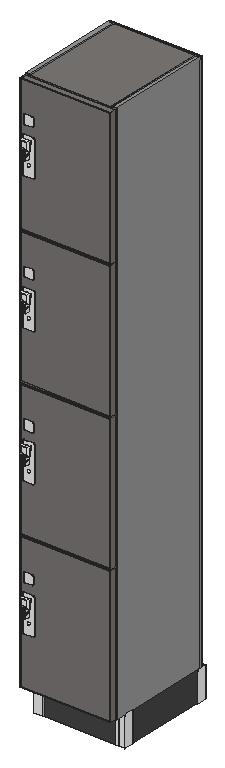
Revit family "Wood_Lockers_Hasps-Salsbury_Industries-44000_Series-1_Wide_Units", category Specialty Equipment, Revit 2026 (continued)
Definition of nested family "Wood Locker Side Panels-No Slope"
  Forms (in)
    Extrusion 2, solid, material <- "Laminate Surface", visible <- "Visible"
      sketch origin (0, -0.375, 0) x (1, 0, 0) y (0, 0, 1)
        loop
          line (-7.3125, 72) -> (-7.3125, 0) -> (7.3125, 0) -> (7.3125, 72) -> (-7.3125, 72)
      from -0.031 to 0
    Extrusion 3, solid, material <- "Laminate Surface", visible <- "Visible"
      sketch origin (0, 0, 0) x (1, 0, 0) y (0, 0, 1)
        loop
          line (-7.3125, 0) -> (7.3125, 0) -> (7.3125, 72) -> (-7.3125, 72) -> (-7.3125, 0)
        loop
          line (-7.2815, 0.031) -> (7.2815, 0.031) -> (7.2815, 71.969) -> (-7.2815, 71.969) -> (-7.2815, 0.031)
      from -0.375 to 0.344
  Dimensions and locks (in)
    equal spacing: plane 6 "Left Side", plane 3 "Center (Left/Right)", plane 7 "Right Side"
    plane 5 "Front" to plane 1 "Center (Front/Back)" to plane 4 "Back" = 0.375", 0.375"
    "Width": plane 6 "Left Side" to plane 7 "Right Side"
    "Depth": plane 5 "Front" to plane 4 "Back"
    equal spacing: plane 9 "Top", plane 10 "Center Elevation", plane 8 "Bottom"
    "Height": plane 9 "Top" to plane 8 "Bottom"
    locked: plane 5 "Front" to plane 11 "Wood - Laminate Edge" at 0.031
    locked: plane 15 "Bottom of Wood" to plane 8 "Bottom" at 0.031
    locked: plane 12 "Right Side of Wood" to plane 7 "Right Side" at 0.031
    locked: plane 6 "Left Side" to plane 13 "Left Side of Wood" at 0.031
    locked: plane 9 "Top" to plane 14 "Top of Wood" at 0.031
    aligned and locked: level to plane 2
    aligned and locked: Extrusion 2 sketch curve to plane 7 "Right Side"
    aligned and locked: plane 8 "Bottom" to Extrusion 2 sketch curve
    aligned and locked: plane 6 "Left Side" to Extrusion 2 sketch curve
    aligned and locked: plane 9 "Top" to Extrusion 2 sketch curve
    aligned and locked: Extrusion 3 to plane 4 "Back"
    aligned and locked: plane 11 "Wood - Laminate Edge" to Extrusion 3
  Automatic sketch dimensions
    plane 13 "Left Side of Wood" to Extrusion 1 sketch curve = 0.000"
    plane 12 "Right Side of Wood" to Extrusion 1 sketch curve = 0.000"
    Extrusion 1 sketch curve to plane 15 "Bottom of Wood" = 0.000"
    Extrusion 1 sketch curve to plane 14 "Top of Wood" = 0.000"
    plane 13 "Left Side of Wood" to Extrusion 3 sketch curve = 0.000"
    Extrusion 3 sketch curve to level = 0.000"
    plane 13 "Left Side of Wood" to Extrusion 3 sketch curve = 0.031"
    plane 12 "Right Side of Wood" to Extrusion 3 sketch curve = 0.000"
    plane 7 "Right Side" to Extrusion 3 sketch curve = 0.000"
    Extrusion 3 sketch curve to plane 15 "Bottom of Wood" = 0.000"
    Extrusion 3 sketch curve to plane 14 "Top of Wood" = 0.000"
    Extrusion 3 sketch curve to plane 9 "Top" = 0.000"
Definition of nested family "Wood Locker Side Panels-With Slope"
  Parameters (values of type "44334 - 6' H  for 18" D Lockers")
    Width = 17.625"
    Visible = yes
    Version = "1.0 (12/15/23)"
    Type Comments = "Side Panel for Premier Wood Lockers with Sloping Hood"
    Slope Height = 6.806"
    Model = "44334"
    Manufacturer = "Salsbury Industries"
    Laminate Surface = none
    Height = 72.062"
    Door Trim = none
    Description = "6' H for 18\" D Lockers"
    Depth = 0.750"
    Default Elevation = 0.000"
  Types (6): name | Width | Visible | Version | Type Comments | Slope Height | Model | Manufacturer | Height | Description
    (no name) | 17.625" | yes | "1.0 (12/15/23)" | "Side Panel for Premier Wood Lockers with Sloping Hood" | 6.806" | "44334" | "Salsbury Industries" | 72.062" | "6' H for 18\" D Lockers"
    44334 - 6' H  for 18" D Lockers | 17.625" | yes | "1.0 (12/15/23)" | "Side Panel for Premier Wood Lockers with Sloping Hood" | 6.806" | "44334" | "Salsbury Industries" | 72.062" | "6' H for 18\" D Lockers"
    44336 - 6' H for 21" D Lockers | 20.625" | yes | "1.0 (12/15/23)" | "Side Panel for Premier Wood Lockers with Sloping Hood" | 7.931" | "44336" | "Salsbury Industries" | 72.062" | "6' H for 21\" D Lockers"
    None | 14.625" | no | "" | "" | 5.681" | "" | "" | 72.062" | ""
    44339 - 6' H for 15" D Lockers | 14.625" | yes | "1.0 (12/15/23)" | "Side Panel for Premier Wood Lockers with Sloping Hood" | 5.681" | "44339" | "Salsbury Industries" | 72.062" | "6' H for 15\" D Lockers"
    44238- 6' H for 24" D Lockers | 23.625" | yes | "1.0 (12/15/23)" | "Side Panel for Premier Wood Lockers with Sloping Hood" | 8.608" | "44238" | "Salsbury Industries" | 72.153" | "6' H for 24\" D Lockers"
  Reference planes (in)
    plane 1 "Center (Front/Back)": y = 0
    plane 2: z = 0
    plane 3 "Center (Left/Right)": x = 0
    plane 4 "Back": y = 0.375
    plane 5 "Front": y = -0.375
    plane 6 "Left Side": x = -8.8125
    plane 7 "Right Side": x = 8.8125
    plane 8 "Bottom": z = 0
    plane 9 "Top": z = 72.062
    plane 10 "Center Elevation": z = 36.031
    plane 11 "Wood - Laminate Edge": y = -0.344
    plane 12 "Right Side of Wood": x = 8.7815
    plane 13 "Left Side of Wood": x = -8.7815
    plane 14 "Top of Wood": z = 71.937
    plane 15 "Bottom of Wood": z = 0.031
    plane 16: z = 78.868
    plane 17: z = 78.743
  Forms (in)
    Extrusion 1, solid, visible <- "Visible"
      sketch origin (0, 0.375, 0) x (1, 0, 0) y (0, 0, 1)
        loop
          line (-8.8125, 78.837) -> (-8.8125, 0) -> (8.7815, 0) -> (8.7815, 72.04287) -> (-8.8125, 78.837)
      from 0 to 0.719
    Extrusion 2, solid, material <- "Laminate Surface", visible <- "Visible"
      sketch origin (0, -0.375, 0) x (1, 0, 0) y (0, 0, 1)
        loop
          line (-8.8125, 0) -> (8.8125, 0) -> (8.8125, 72.062) -> (-8.8125, 78.868) -> (-8.8125, 0)
      from -0.031 to 0
    Extrusion 3, solid, material <- "Laminate Surface", visible <- "Visible"
      sketch origin (0, -0.375, 0) x (1, 0, 0) y (0, 0, 1)
        loop
          line (8.8125, 0) -> (8.8125, 72.062) -> (-8.8125, 78.868) -> (-8.8125, 78.837) -> (8.7815, 72.04287) -> (8.7815, 0) -> (8.8125, 0)
      from -0.031 to -0.75
  Dimensions and locks (in)
    equal spacing: plane 6 "Left Side", plane 3 "Center (Left/Right)", plane 7 "Right Side"
    plane 5 "Front" to plane 1 "Center (Front/Back)" to plane 4 "Back" = 0.375", 0.375"
    "Width": plane 6 "Left Side" to plane 7 "Right Side"
    "Depth": plane 5 "Front" to plane 4 "Back"
    equal spacing: plane 9 "Top", plane 10 "Center Elevation", plane 8 "Bottom"
    "Height": plane 9 "Top" to plane 8 "Bottom"
    locked: plane 5 "Front" to plane 11 "Wood - Laminate Edge" at 0.031
    locked: plane 15 "Bottom of Wood" to plane 8 "Bottom" at 0.031
    locked: plane 12 "Right Side of Wood" to plane 7 "Right Side" at 0.031
    locked: plane 6 "Left Side" to plane 13 "Left Side of Wood" at 0.031
    locked: plane 9 "Top" to plane 14 "Top of Wood" at 0.125
    "Slope Height": plane 16 to plane 9 "Top"
    locked: plane 16 to plane 17 at 0.125
    aligned and locked: level to plane 2
    aligned and locked: Extrusion 3 to plane 4 "Back"
    aligned and locked: plane 11 "Wood - Laminate Edge" to Extrusion 3
  Automatic sketch dimensions
    plane 6 "Left Side" to Extrusion 2 sketch curve = 0.000"
    plane 7 "Right Side" to Extrusion 2 sketch curve = 0.000"
    Extrusion 2 sketch curve to level = 0.000"
    Extrusion 2 sketch curve to plane 9 "Top" = 0.000"
    Extrusion 2 sketch curve to plane 16 = 0.000"
    Extrusion 1 sketch curve to level = 0.000"
    plane 6 "Left Side" to Extrusion 1 sketch curve = 0.000"
    plane 12 "Right Side of Wood" to Extrusion 1 sketch curve = 0.000"
    plane 9 "Top" to Extrusion 1 sketch curve = 0.01913"
    plane 6 "Left Side" to Extrusion 3 sketch curve = 0.000"
    plane 12 "Right Side of Wood" to Extrusion 3 sketch curve = 0.000"
    plane 7 "Right Side" to Extrusion 3 sketch curve = 0.000"
    Extrusion 3 sketch curve to level = 0.000"
    Extrusion 3 sketch curve to plane 9 "Top" = 0.000"
    Extrusion 3 sketch curve to plane 16 = 0.000"
    plane 9 "Top" to Extrusion 3 sketch curve = 0.01913"
    plane 16 to Extrusion 3 sketch curve = 0.031"
    plane 16 to Extrusion 1 sketch curve = 0.031"
Definition of nested family "Wood Locker Double Side Panels-No Slope"
  Parameters (values of type "44330DE - 6' H for 15"D Lockers")
    Width = 29.250"
    Visible = yes
    Version = "1.0 (12/15/23)"
    Type Comments = "Double End Panel for Premier Wood Lockers"
    Model = "44330DE"
    Manufacturer = "Salsbury Industries"
    Laminate Surface = none
    Height = 72.000"
    Door Trim = none
    Description = "For 6' H x 15\" D without Sloping Hood"
    Depth = 0.750"
    Default Elevation = 0.000"
  Types (6): name | Width | Visible | Version | Type Comments | Model | Manufacturer | Description
    (no name) | 29.250" | yes | "1.0 (12/15/23)" | "Double End Panel for Premier Wood Lockers" | "44330DE" | "Salsbury Industries" | "For 6' H x 15\" D without Sloping Hood"
    44330DE - 6' H for 15"D Lockers | 29.250" | yes | "1.0 (12/15/23)" | "Double End Panel for Premier Wood Lockers" | "44330DE" | "Salsbury Industries" | "For 6' H x 15\" D without Sloping Hood"
    44333DE - 6' H for 18" D Lockers | 35.250" | yes | "1.0 (12/15/23)" | "Double End Panel for Premier Wood Lockers" | "44333DE" | "Salsbury Industries" | "For 6' H x 18\" D without Sloping Hood"
    44335DE - 6' H for 21" D Lockers | 41.250" | yes | "1.0 (12/15/23)" | "Double End Panel for Premier Wood Lockers" | "44335DE" | "Salsbury Industries" | "For 6' H x 21\" D without Sloping Hood"
    None | 14.000" | no | "" | "" | "" | "" | ""
    44237DE - 6' H for 24" D Lockers | 47.250" | yes | "1.0 (12/15/23)" | "Double End Panel for Premier Wood Lockers" | "44237DE" | "Salsbury Industries" | "For 6' H x 21\" D without Sloping Hood"
  Reference planes (in)
    plane 1 "Center (Front/Back)": y = 0
    plane 2: z = 0
    plane 3 "Center (Left/Right)": x = 0
    plane 4 "Back": y = 0.375
    plane 5 "Front": y = -0.375
    plane 6 "Left Side": x = -14.625
    plane 7 "Right Side": x = 14.625
    plane 8 "Bottom": z = 0
    plane 9 "Top": z = 72
    plane 10 "Center Elevation": z = 36
    plane 11 "Wood - Laminate Edge": y = -0.344
    plane 12 "Right Side of Wood": x = 14.594
    plane 13 "Left Side of Wood": x = -14.594
    plane 14 "Top of Wood": z = 71.969
    plane 15 "Bottom of Wood": z = 0.031
  Forms (in)
    Extrusion 1, solid, visible <- "Visible"
      sketch origin (0, 0.375, 0) x (1, 0, 0) y (0, 0, 1)
        loop
          line (14.594, 71.969) -> (-14.594, 71.969) -> (-14.594, 0.031) -> (14.594, 0.031) -> (14.594, 71.969)
      from 0 to 0.719
    Extrusion 2, solid, material <- "Laminate Surface", visible <- "Visible"
      sketch origin (0, -0.375, 0) x (1, 0, 0) y (0, 0, 1)
        loop
          line (-14.625, 72) -> (-14.625, 0) -> (14.625, 0) -> (14.625, 72) -> (-14.625, 72)
      from -0.031 to 0
    Extrusion 3, solid, material <- "Laminate Surface", visible <- "Visible"
      sketch origin (0, 0, 0) x (1, 0, 0) y (0, 0, 1)
        loop
          line (-14.625, 0) -> (14.625, 0) -> (14.625, 72) -> (-14.625, 72) -> (-14.625, 0)
        loop
          line (14.594, 71.969) -> (-14.594, 71.969) -> (-14.594, 0.031) -> (14.594, 0.031) -> (14.594, 71.969)
      from -0.375 to 0.344
  Dimensions and locks (in)
    equal spacing: plane 6 "Left Side", plane 3 "Center (Left/Right)", plane 7 "Right Side"
    plane 5 "Front" to plane 1 "Center (Front/Back)" to plane 4 "Back" = 0.375", 0.375"
    "Width": plane 6 "Left Side" to plane 7 "Right Side"
    "Depth": plane 5 "Front" to plane 4 "Back"
    equal spacing: plane 9 "Top", plane 10 "Center Elevation", plane 8 "Bottom"
    "Height": plane 9 "Top" to plane 8 "Bottom"
    locked: plane 5 "Front" to plane 11 "Wood - Laminate Edge" at 0.031
    locked: plane 15 "Bottom of Wood" to plane 8 "Bottom" at 0.031
    plane 12 "Right Side of Wood" to plane 7 "Right Side" = 0.031"
    locked: plane 6 "Left Side" to plane 13 "Left Side of Wood" at 0.031
    locked: plane 9 "Top" to plane 14 "Top of Wood" at 0.031
    aligned and locked: level to plane 2
    aligned and locked: plane 8 "Bottom" to Extrusion 2 sketch curve
    aligned and locked: plane 6 "Left Side" to Extrusion 2 sketch curve
    aligned and locked: Extrusion 2 sketch curve to plane 7 "Right Side"
    aligned and locked: plane 9 "Top" to Extrusion 2 sketch curve
    aligned and locked: Extrusion 3 to plane 4 "Back"
    aligned and locked: plane 11 "Wood - Laminate Edge" to Extrusion 3
  Automatic sketch dimensions
    plane 13 "Left Side of Wood" to Extrusion 1 sketch curve = 0.000"
    plane 12 "Right Side of Wood" to Extrusion 1 sketch curve = 0.000"
    Extrusion 1 sketch curve to plane 15 "Bottom of Wood" = 0.000"
    Extrusion 1 sketch curve to plane 14 "Top of Wood" = 0.000"
    Extrusion 3 sketch curve to level = 0.000"
    plane 6 "Left Side" to Extrusion 3 sketch curve = 0.000"
    plane 7 "Right Side" to Extrusion 3 sketch curve = 0.000"
    Extrusion 3 sketch curve to plane 9 "Top" = 0.000"
    plane 13 "Left Side of Wood" to Extrusion 3 sketch curve = 0.000"
    Extrusion 3 sketch curve to plane 15 "Bottom of Wood" = 0.000"
    Extrusion 3 sketch curve to plane 14 "Top of Wood" = 0.000"
    plane 12 "Right Side of Wood" to Extrusion 3 sketch curve = 0.000"
Definition of nested family "Wood Locker Double Side Panels-With Slope"
  Parameters (values of type "44339DE - 6' H for 15"D Lockers")
    Width = 29.250"
    Visible = yes
    Version = "1.0 (12/15/23)"
    Type Comments = "Double End Panel for Premier Wood Lockers"
    Slope Height = 5.681"
    Model = "44339DE"
    Manufacturer = "Salsbury Industries"
    Laminate Surface = none
    Height = 72.062"
    Door Trim = none
    Description = "For 6' H x 15\" D Lockers with Sloping Hood"
    Depth = 0.750"
    Default Elevation = 0.000"
  Types (6): name | Width | Visible | Version | Type Comments | Slope Height | Model | Manufacturer | Height | Description
    (no name) | 29.250" | yes | "1.0 (12/15/23)" | "Double End Panel for Premier Wood Lockers" | 5.681" | "44339DE" | "Salsbury Industries" | 72.062" | "For 6' H x 15\" D Lockers with Sloping Hood"
    44339DE - 6' H for 15"D Lockers | 29.250" | yes | "1.0 (12/15/23)" | "Double End Panel for Premier Wood Lockers" | 5.681" | "44339DE" | "Salsbury Industries" | 72.062" | "For 6' H x 15\" D Lockers with Sloping Hood"
    44334DE - 6' H  for 18" D Lockers | 35.250" | yes | "1.0 (12/15/23)" | "Double End Panel for Premier Wood Lockers" | 6.806" | "44334DE" | "Salsbury Industries" | 72.062" | "For 6' H x 18\" D Lockers with Sloping Hood"
    44336DE - 6' H for 21" D Lockers | 41.250" | yes | "1.0 (12/15/23)" | "Double End Panel for Premier Wood Lockers" | 7.931" | "44336DE" | "Salsbury Industries" | 72.062" | "For 6' H x 21\" D Lockers with Sloping Hood"
    None | 14.000" | no | "" | "" | 5.500" | "" | "" | 72.000" | ""
    44238DE - 6' H for 24" D Lockers | 47.250" | yes | "1.0 (12/15/23)" | "Double End Panel for Premier Wood Lockers" | 8.895" | "442386DE" | "Salsbury Industries" | 72.153" | "For 6' H x 21\" D Lockers with Sloping Hood"
  Reference planes (in)
    plane 1 "Center (Front/Back)": y = 0
    plane 2: z = 0
    plane 3 "Center (Left/Right)": x = 0
    plane 4 "Back": y = 0.375
    plane 5 "Front": y = -0.375
    plane 6 "Left Side": x = -14.625
    plane 7 "Right Side": x = 14.625
    plane 8 "Bottom": z = 0
    plane 9 "Top": z = 72.062
    plane 10 "Center Elevation": z = 36.031
    plane 11 "Wood - Laminate Edge": y = -0.344
    plane 12 "Right Side of Wood": x = 14.594
    plane 13 "Left Side of Wood": x = -14.594
    plane 14 "Top of Wood": z = 71.937
    plane 15 "Bottom of Wood": z = 0.125
    plane 16: z = 77.743
    plane 17: z = 77.712
  Forms (in)
    Extrusion 1, solid, visible <- "Visible"
      sketch origin (0, 0.375, 0) x (1, 0, 0) y (0, 0, 1)
        loop
          line (14.594, 72.031) -> (0, 77.712) -> (-14.594, 72.031) -> (-14.594, 0) -> (14.594, 0) -> (14.594, 72.031)
      from 0 to 0.719
    Extrusion 2, solid, material <- "Laminate Surface", visible <- "Visible"
      sketch origin (0, -0.375, 0) x (1, 0, 0) y (0, 0, 1)
        loop
          line (14.625, 0) -> (14.625, 72.062) -> (0, 77.743) -> (-14.625, 72.062) -> (-14.625, 0) -> (14.625, 0)
      from -0.031 to 0
    Extrusion 3, solid, material <- "Laminate Surface", visible <- "Visible"
      sketch origin (0, 0.375, 0) x (1, 0, 0) y (0, 0, 1)
        loop
          line (14.625, 0) -> (14.625, 72.062) -> (0, 77.743) -> (-14.625, 72.062) -> (-14.625, 0) -> (-14.594, 0) -> (-14.594, 72.031) -> (0, 77.712) -> (14.594, 72.031) -> (14.594, 0) -> (14.625, 0)
      from 0 to 0.719
  Dimensions and locks (in)
    equal spacing: plane 6 "Left Side", plane 3 "Center (Left/Right)", plane 7 "Right Side"
    plane 5 "Front" to plane 1 "Center (Front/Back)" to plane 4 "Back" = 0.375", 0.375"
    "Width": plane 6 "Left Side" to plane 7 "Right Side"
    "Depth": plane 5 "Front" to plane 4 "Back"
    equal spacing: plane 9 "Top", plane 10 "Center Elevation", plane 8 "Bottom"
    "Height": plane 9 "Top" to plane 8 "Bottom"
    locked: plane 5 "Front" to plane 11 "Wood - Laminate Edge" at 0.031
    locked: plane 15 "Bottom of Wood" to plane 8 "Bottom" at 0.125
    locked: plane 12 "Right Side of Wood" to plane 7 "Right Side" at 0.031
    locked: plane 6 "Left Side" to plane 13 "Left Side of Wood" at 0.031
    locked: plane 9 "Top" to plane 14 "Top of Wood" at 0.125
    "Slope Height": plane 16 to plane 9 "Top"
    locked: plane 16 to plane 17 at 0.031
    aligned and locked: level to plane 2
    aligned and locked: Extrusion 3 to plane 4 "Back"
    aligned and locked: plane 11 "Wood - Laminate Edge" to Extrusion 3
  Automatic sketch dimensions
    plane 6 "Left Side" to Extrusion 2 sketch curve = 0.000"
    Extrusion 2 sketch curve to plane 3 "Center (Left/Right)" = 0.000"
    plane 7 "Right Side" to Extrusion 2 sketch curve = 0.000"
    Extrusion 2 sketch curve to level = 0.000"
    Extrusion 2 sketch curve to plane 9 "Top" = 0.000"  (x2)
    Extrusion 2 sketch curve to plane 16 = 0.000"
    Extrusion 1 sketch curve to level = 0.000"
    plane 13 "Left Side of Wood" to Extrusion 1 sketch curve = 0.000"
    Extrusion 1 sketch curve to plane 3 "Center (Left/Right)" = 0.000"
    plane 12 "Right Side of Wood" to Extrusion 1 sketch curve = 0.000"
    Extrusion 1 sketch curve to plane 17 = 0.000"
    plane 9 "Top" to Extrusion 1 sketch curve = 0.031"  (x2)
    Extrusion 3 sketch curve to level = 0.000"  (x2)
    plane 6 "Left Side" to Extrusion 3 sketch curve = 0.000"
    plane 13 "Left Side of Wood" to Extrusion 3 sketch curve = 0.000"
    Extrusion 3 sketch curve to plane 3 "Center (Left/Right)" = 0.000"  (x2)
    plane 12 "Right Side of Wood" to Extrusion 3 sketch curve = 0.000"
    plane 7 "Right Side" to Extrusion 3 sketch curve = 0.000"
    Extrusion 3 sketch curve to plane 9 "Top" = 0.000"  (x2)
    plane 9 "Top" to Extrusion 3 sketch curve = 0.031"  (x2)
    Extrusion 3 sketch curve to plane 17 = 0.000"
    Extrusion 3 sketch curve to plane 16 = 0.000"
Definition of nested family "Wood Locker Front Fillers"
  Parameters (values of type "44469 - 9" W for 6' H Lockers without Base")
    Width = 9.000"
    Visible Base = no
    Visible = yes
    Version = "1.0 (1/31/24)"
    Type Comments = "Front Vertical Filler for Premier Wood Lockers"
    Model = "44469"
    Manufacturer = "Salsbury Industries"
    Laminate Surface = none
    Height = 72.000"
    Description = "For 6' H Lockers"
    Depth = 0.750"
    Default Elevation = 0.000"
    Base Height = 0.000"
  Types (6): name | Width | Visible Base | Visible | Version | Type Comments | Model | Manufacturer | Description | Base Height
    (no name) | 9.000" | no | yes | "1.0 (1/31/24)" | "Front Vertical Filler for Premier Wood Lockers" | "44469" | "Salsbury Industries" | "For 6' H Lockers" | 0.000"
    44467 - 15"W for 6' H Lockers with Base | 15.000" | yes | yes | "1.0 (01/31/24)" | "Front Vertical Filler for Premier Wood Lockers" | "444367" | "Salsbury Industries" | "For 6' H Lockers" | 4.000"
    None | 15.000" | no | no | "" | "" | "" | "" | "" | 4.000"
    44469 - 9" W for 6' H Lockers with Base | 9.000" | yes | yes | "1.0 (01/31/24)" | "Front Vertical Filler for Premier Wood Lockers" | "44469" | "Salsbury Industries" | "For 6' H Lockers" | 4.000"
    44467 - 15" W for 6'H Lockers without Base | 15.000" | no | yes | "1.0 (01/31/24)" | "Front Vertical Filler for Premier Wood Lockers" | "44467" | "Salsbury Industries" | "For 6' H Lockers" | 0.000"
    44469 - 9" W for 6' H Lockers without Base | 9.000" | no | yes | "1.0 (1/31/24)" | "Front Vertical Filler for Premier Wood Lockers" | "44469" | "Salsbury Industries" | "For 6' H Lockers" | 0.000"
  Reference planes (in)
    plane 1 "Center (Front/Back)": y = 0
    plane 2: z = 0
    plane 3 "Center (Left/Right)": x = 0
    plane 4 "Back": y = 0.375
    plane 5 "Front": y = -0.375
    plane 6 "Left Side": x = -4.5
    plane 7 "Right Side": x = 4.5
    plane 8 "Bottom": z = 0
    plane 9 "Top": z = 72
    plane 10 "Center Elevation": z = 36
    plane 11 "Wood - Laminate Edge": y = -0.344
    plane 12 "Right Side of Wood": x = 4.375
    plane 13 "Left Side of Wood": x = -4.375
    plane 14 "Top of Wood": z = 71.875
    plane 15 "Bottom of Wood": z = 0.125
    plane 16 "Front of Base Filler": y = 1
  Forms (in)
    Extrusion 1, solid, visible <- "Visible"
      sketch origin (0, 0.375, 0) x (1, 0, 0) y (0, 0, 1)
        loop
          line (4.5, 72) -> (-4.5, 72) -> (-4.5, 0) -> (4.5, 0) -> (4.5, 72)
      from 0 to 0.719
    Extrusion 2, solid, material <- "Laminate Surface", visible <- "Visible"
      sketch origin (0, -0.375, 0) x (1, 0, 0) y (0, 0, 1)
        loop
          line (-4.5, 72) -> (-4.5, 0) -> (4.5, 0) -> (4.5, 72) -> (-4.5, 72)
      from -0.031 to 0
    Extrusion 3, solid, visible <- "Visible Base"
      sketch origin (0, 0, 0) x (1, 0, 0) y (0, 1, 0)
        loop
          line (-4.5, 1.75) -> (-4.5, 0.375) -> (4.5, 0.375) -> (4.5, 1.75) -> (-4.5, 1.75)
      from 0 to 0.75
    Extrusion 4, solid, visible <- "Visible Base"
      sketch origin (0, 0, 0) x (1, 0, 0) y (0, 1, 0)
        loop
          line (-4.5, 1.75) -> (-4.5, 1) -> (4.5, 1) -> (4.5, 1.75) -> (-4.5, 1.75)
      from 0 to -4
  Dimensions and locks (in)
    equal spacing: plane 6 "Left Side", plane 3 "Center (Left/Right)", plane 7 "Right Side"
    plane 5 "Front" to plane 1 "Center (Front/Back)" to plane 4 "Back" = 0.375", 0.375"
    "Width": plane 6 "Left Side" to plane 7 "Right Side"
    "Depth": plane 5 "Front" to plane 4 "Back"
    equal spacing: plane 9 "Top", plane 10 "Center Elevation", plane 8 "Bottom"
    locked: plane 5 "Front" to plane 11 "Wood - Laminate Edge" at 0.031
    locked: plane 15 "Bottom of Wood" to plane 8 "Bottom" at 0.125
    locked: plane 12 "Right Side of Wood" to plane 7 "Right Side" at 0.125
    locked: plane 6 "Left Side" to plane 13 "Left Side of Wood" at 0.125
    locked: plane 9 "Top" to plane 14 "Top of Wood" at 0.125
    locked: plane 5 "Front" to plane 16 "Front of Base Filler" at 1.375
    "Base Height": plane 8 "Bottom" to plane 2
    "Height": plane 9 "Top" to plane 8 "Bottom"
    aligned and locked: level to plane 2
    aligned and locked: plane 8 "Bottom" to Extrusion 1
  Automatic sketch dimensions
    plane 6 "Left Side" to Extrusion 1 sketch curve = 0.000"
    plane 7 "Right Side" to Extrusion 1 sketch curve = 0.000"
    level to Extrusion 1 sketch curve = 0.000"
    Extrusion 1 sketch curve to plane 9 "Top" = 0.000"
    plane 6 "Left Side" to Extrusion 2 sketch curve = 0.000"
    plane 7 "Right Side" to Extrusion 2 sketch curve = 0.000"
    plane 15 "Bottom of Wood" to Extrusion 2 sketch curve = 0.125"
    Extrusion 2 sketch curve to plane 9 "Top" = 0.000"
    plane 4 "Back" to Extrusion 3 sketch curve = 0.000"
    Extrusion 3 sketch curve to plane 6 "Left Side" = 0.000"
    Extrusion 3 sketch curve to plane 7 "Right Side" = 0.000"
    Extrusion 3 sketch curve to plane 16 "Front of Base Filler" = 0.750"
    Extrusion 4 sketch curve to plane 6 "Left Side" = 0.000"
    Extrusion 4 sketch curve to plane 7 "Right Side" = 0.000"
    plane 16 "Front of Base Filler" to Extrusion 4 sketch curve = 0.000"
    Extrusion 4 sketch curve to plane 16 "Front of Base Filler" = 0.750"
Definition of nested family "Wood Locker Front Corner Filler"
  Parameters (values of type "44464 - for 6' H Lockers with Base")
    Width = 2.250"
    Visible Base = yes
    Visible = yes
    Version = "1.0 (12/15/23)"
    Type Comments = "Front Vertical Corner Filler for Designer Wood Lockers"
    Primary Structure Materials = none
    Model = "44464"
    Manufacturer = "Salsbury Industries"
    Laminate Surface = none
    Height = 72.000"
    Description = "For 6' H Lockers"
    Depth = 0.750"
    Default Elevation = 0.000"
    Base Primary Materials = none
    Base Height = 4.000"
  Types (3): name | Visible Base | Visible | Version | Type Comments | Model | Manufacturer | Description | Base Height
    None | no | no | "" | "" | "" | "" | "" | 4.000"
    44464 - for 6'H Lockers without Base | no | yes | "1.0 (12/15/23)" | "Front Vertical Corner Filler for Designer Wood Lockers" | "44464" | "Salsbury Industries" | "For 6' H Lockers" | 0.000"
    44464 - for 6' H Lockers with Base | yes | yes | "1.0 (12/15/23)" | "Front Vertical Corner Filler for Designer Wood Lockers" | "44464" | "Salsbury Industries" | "For 6' H Lockers" | 4.000"
  Reference planes (in)
    plane 1 "Center (Front/Back)": y = 0
    plane 2 "Bottom of Base": z = 0
    plane 3 "Center (Left/Right)": x = 0
    plane 4 "Back": y = 0.375
    plane 5 "Front": y = -0.375
    plane 6 "Left Side": x = -1.125
    plane 7 "Right Side": x = 1.125
    plane 8 "Bottom": z = 4
    plane 9 "Top": z = 76
    plane 10 "Center Elevation": z = 40
    plane 11 "Wood - Laminate Edge": y = -0.344
    plane 12 "Right Side of Wood": x = 1
    plane 13 "Left Side of Wood": x = -1
    plane 14 "Top of Wood": z = 75.875
    plane 15 "Bottom of Wood": z = 4.125
    plane 16 "Front of Base Filler": y = 1
  Forms (in)
    Extrusion 1, solid, material <- "Primary Structure Materials", visible <- "Visible"
      sketch origin (0, 0.375, 0) x (1, 0, 0) y (0, 0, 1)
        loop
          line (1.125, 76) -> (-1.156, 76) -> (-1.156, 4) -> (1.125, 4) -> (1.125, 76)
      from 0 to 0.719
    Extrusion 2, solid, material <- "Laminate Surface", visible <- "Visible"
      sketch origin (0, -0.375, 0) x (1, 0, 0) y (0, 0, 1)
        loop
          line (-1.125, 76) -> (-1.125, 4) -> (1.125, 4) -> (1.125, 76) -> (-1.125, 76)
      from -0.031 to 0
    Extrusion 3, solid, material <- "Primary Structure Materials", visible <- "Visible"
      sketch origin (-1.875, -1.5, 0) x (0, 1, 0) y (0, 0, 1)
        loop
          line (1.875, 76) -> (-1.125, 76) -> (-1.125, 4) -> (1.875, 4) -> (1.875, 76)
      from 0 to 0.719
    Extrusion 4, solid, material <- "Laminate Surface", visible <- "Visible"
      sketch origin (-1.125, -1.5, 0) x (0, 1, 0) y (0, 0, 1)
        loop
          line (-1.125, 76) -> (-1.125, 4) -> (1.156, 4) -> (1.156, 76) -> (-1.125, 76)
      from -0.031 to 0
    Extrusion 5, solid, material <- "Base Primary Materials", visible <- "Visible Base"
      sketch origin (0, 0, 0) x (1, 0, 0) y (0, 1, 0)
        loop
          line (-3.25, 1.75) -> (-3.25, -2.625) -> (-1.875, -2.625) -> (-1.875, 1.75) -> (-3.25, 1.75)
      from 4 to 4.75
    Extrusion 6, solid, material <- "Base Primary Materials", visible <- "Visible Base"
      sketch origin (0, 0, 0) x (1, 0, 0) y (0, 1, 0)
        loop
          line (-1.875, 1.75) -> (-1.875, 0.375) -> (1.125, 0.375) -> (1.125, 1.75) -> (-1.875, 1.75)
      from 4 to 4.75
    Extrusion 7, solid, material <- "Base Primary Materials", visible <- "Visible Base"
      sketch origin (0, 0, 0) x (1, 0, 0) y (0, 1, 0)
        loop
          line (1.125, 1.75) -> (-2.43407, 1.75) -> (-2.43407, 1) -> (1.125, 1) -> (1.125, 1.75)
      from 0 to 4
    Extrusion 8, solid, material <- "Base Primary Materials", visible <- "Visible Base"
      sketch origin (0, 0, 0) x (1, 0, 0) y (0, 1, 0)
        loop
          line (-3.25, 1.75) -> (-3.25, -2.625) -> (-2.43407, -2.625) -> (-2.43407, 1.75) -> (-3.25, 1.75)
      from 0 to 4
  Dimensions and locks (in)
    equal spacing: plane 6 "Left Side", plane 3 "Center (Left/Right)", plane 7 "Right Side"
    plane 5 "Front" to plane 1 "Center (Front/Back)" to plane 4 "Back" = 0.375", 0.375"
    "Width": plane 6 "Left Side" to plane 7 "Right Side"
    "Depth": plane 5 "Front" to plane 4 "Back"
    equal spacing: plane 9 "Top", plane 10 "Center Elevation", plane 8 "Bottom"
    "Height": plane 9 "Top" to plane 8 "Bottom"
    locked: plane 5 "Front" to plane 11 "Wood - Laminate Edge" at 0.031
    locked: plane 15 "Bottom of Wood" to plane 8 "Bottom" at 0.125
    locked: plane 12 "Right Side of Wood" to plane 7 "Right Side" at 0.125
    locked: plane 6 "Left Side" to plane 13 "Left Side of Wood" at 0.125
    locked: plane 9 "Top" to plane 14 "Top of Wood" at 0.125
    locked: plane 5 "Front" to plane 16 "Front of Base Filler" at 1.375
    "Base Height": plane 8 "Bottom" to plane 2 "Bottom of Base"
    aligned and locked: level to plane 2 "Bottom of Base"
    aligned and locked: plane 8 "Bottom" to Extrusion 1
    aligned and locked: Extrusion 7 to Extrusion 5
    aligned and locked: Extrusion 8 to Extrusion 5
    aligned and locked: Extrusion 7 to Extrusion 8
  Automatic sketch dimensions
    Extrusion 1 sketch curve to plane 9 "Top" = 0.000"
    Extrusion 1 sketch curve to plane 8 "Bottom" = 0.000"
    plane 7 "Right Side" to Extrusion 1 sketch curve = 0.000"
    plane 6 "Left Side" to Extrusion 1 sketch curve = 0.031"
    plane 6 "Left Side" to Extrusion 2 sketch curve = 0.000"
    plane 7 "Right Side" to Extrusion 2 sketch curve = 0.000"
    Extrusion 2 sketch curve to plane 8 "Bottom" = 0.000"
    Extrusion 2 sketch curve to plane 9 "Top" = 0.000"
    plane 9 "Top" to Extrusion 3 sketch curve = 0.000"
    plane 8 "Bottom" to Extrusion 3 sketch curve = 0.000"
    Extrusion 3 sketch curve to plane 4 "Back" = 0.000"
    plane 5 "Front" to Extrusion 3 sketch curve = 2.250"
    plane 8 "Bottom" to Extrusion 4 sketch curve = 0.000"
    plane 9 "Top" to Extrusion 4 sketch curve = 0.000"
    Extrusion 4 sketch curve to plane 11 "Wood - Laminate Edge" = 0.000"
    plane 5 "Front" to Extrusion 4 sketch curve = 2.250"
    plane 6 "Left Side" to Extrusion 5 sketch curve = 2.125"
    plane 6 "Left Side" to Extrusion 5 sketch curve = 0.750"
    plane 5 "Front" to Extrusion 5 sketch curve = 2.250"
    Extrusion 5 sketch curve to plane 16 "Front of Base Filler" = 0.750"
    plane 16 "Front of Base Filler" to Extrusion 7 sketch curve = 0.000"
    Extrusion 7 sketch curve to plane 7 "Right Side" = 0.000"
    plane 6 "Left Side" to Extrusion 7 sketch curve = 1.30907"
    Extrusion 7 sketch curve to plane 16 "Front of Base Filler" = 0.750"
    plane 6 "Left Side" to Extrusion 8 sketch curve = 2.125"
    Extrusion 8 sketch curve to Extrusion 8 sketch curve = 0.81593"
    plane 5 "Front" to Extrusion 8 sketch curve = 2.250"
    Extrusion 8 sketch curve to plane 16 "Front of Base Filler" = 0.750"
    plane 4 "Back" to Extrusion 6 sketch curve = 0.000"
    Extrusion 6 sketch curve to plane 7 "Right Side" = 0.000"
    plane 6 "Left Side" to Extrusion 6 sketch curve = 0.750"
    Extrusion 6 sketch curve to plane 16 "Front of Base Filler" = 0.750"
Definition of nested family "Wood Locker Sloping In-Line Fillers"
  Parameters (values of type "44481 - 15" W for 21" D Lockers")
    Width = 15.000"
    Visible = yes
    Version = "1.0 (12/15/23)"
    Type Comments = "Sloping Hood In-Line Filler for Premier Wood Lockers"
    Model = "44481"
    Manufacturer = "Salsbury Industries"
    Laminate Surface = none
    Height = 7.993"
    Description = "For 21\" D Lockers"
    Depth = 20.625"
    Default Elevation = 0.000"
  Types (10): name | Width | Visible | Version | Type Comments | Model | Manufacturer | Height | Description | Depth
    (no name) | 15.000" | yes | "1.0 (12/15/23)" | "Sloping Hood In-Line Filler for Premier Wood Lockers" | "44481" | "Salsbury Industries" | 7.993" | "For 21\" D Lockers" | 20.625"
    44487 - 15" W for 15" D Lockers | 15.000" | yes | "1.0 (12/15/23)" | "Sloping Hood In-Line Filler for Premier Wood Lockers" | "44487" | "Salsbury Industries" | 5.743" | "For 15\" D Lockers" | 14.625"
    44488 - 15" W for 18" D Lockers | 15.000" | yes | "1.0 (12/15/23)" | "Sloping Hood In-Line Filler for Premier Wood Lockers" | "44488" | "Salsbury Industries" | 6.868" | "For 18\" D Lockers" | 17.625"
    44481 - 15" W for 21" D Lockers | 15.000" | yes | "1.0 (12/15/23)" | "Sloping Hood In-Line Filler for Premier Wood Lockers" | "44481" | "Salsbury Industries" | 7.993" | "For 21\" D Lockers" | 20.625"
    None | 12.000" | no | "" | "" | "" | "" | 5.500" | "" | 14.000"
    44489 - 15" W for 24" D Lockers | 15.000" | yes | "1.0 (12/15/23)" | "Sloping Hood In-Line Filler for Premier Wood Lockers" | "44489" | "Salsbury Industries" | 8.875" | "For 24\" D Lockers" | 23.000"
    44488 - 9" W for 18" D Lockers | 9.000" | yes | "1.0 (12/15/23)" | "Sloping Hood In-Line Filler for Premier Wood Lockers" | "44488" | "Salsbury Industries" | 6.868" | "For 18\" D Lockers" | 17.625"
    44487 - 9" W for 15" D Lockers | 9.000" | yes | "1.0 (12/15/23)" | "Sloping Hood In-Line Filler for Premier Wood Lockers" | "44487" | "Salsbury Industries" | 5.743" | "For 15\" D Lockers" | 14.625"
    44481 - 9" W for 21" D Lockers | 9.000" | yes | "1.0 (12/15/23)" | "Sloping Hood In-Line Filler for Premier Wood Lockers" | "44481" | "Salsbury Industries" | 7.750" | "For 21\" D Lockers" | 20.000"
    44489 - 9" W for 24" D Lockers | 9.000" | yes | "1.0 (12/15/23)" | "Sloping Hood In-Line Filler for Premier Wood Lockers" | "44489" | "Salsbury Industries" | 8.875" | "For 24\" D Lockers" | 23.000"
  Reference planes (in)
    plane 1 "Center (Front/Back)": y = 0
    plane 2: z = 0
    plane 3 "Center (Left/Right)": x = 0
    plane 4 "Front of Hood": y = -10.3125
    plane 5 "Back of Hood": y = 10.3125
    plane 6 "Right Side of Hood": x = 7.5
    plane 7 "Left Side of Hood": x = -7.5
    plane 8 "Bottom of Hood": z = 0
    plane 9 "Top of Hood": z = 7.993
    plane 10: x = 6.75
    plane 11: x = -6.75
    plane 12: y = -10.2815
    plane 13: y = -9.5625
    plane 14: z = 7.962
    plane 15: z = 7.243
    plane 16: z = 0.062
    plane 17: z = 0.75
  Forms (in)
    Extrusion 1, solid, visible <- "Visible"
      sketch origin (0, 0, 0) x (0, 1, 0) y (0, 0, 1)
        loop
          line (-8.47273, 0) -> (10.3125, 7.243) -> (10.3125, 7.962) -> (-10.23269, 0.062) -> (-10.2815, 0.062) -> (-10.2815, 0) -> (-8.47273, 0)
      from -7.5 to 7.5
    Extrusion 2, solid, material <- "Laminate Surface", visible <- "Visible"
      sketch origin (0, 0, 0) x (0, 1, 0) y (0, 0, 1)
        loop
          line (-10.3125, 0.062) -> (-10.3125, 0) -> (-10.2815, 0) -> (-10.2815, 0.062) -> (-10.3125, 0.062)
      from -7.5 to 7.5
    Extrusion 3, solid, material <- "Laminate Surface", visible <- "Visible"
      sketch origin (0, 0, 0) x (0, 1, 0) y (0, 0, 1)
        loop
          line (10.3125, 7.993) -> (-10.3125, 0.062) -> (-10.23269, 0.062) -> (10.3125, 7.962) -> (10.3125, 7.993)
      from -7.5 to 7.5
  Dimensions and locks (in)
    equal spacing: plane 7 "Left Side of Hood", plane 3 "Center (Left/Right)", plane 6 "Right Side of Hood"
    "Width": plane 7 "Left Side of Hood" to plane 6 "Right Side of Hood"
    equal spacing: plane 4 "Front of Hood", plane 1 "Center (Front/Back)", plane 5 "Back of Hood"
    "Depth": plane 4 "Front of Hood" to plane 5 "Back of Hood"
    "Height": plane 9 "Top of Hood" to plane 8 "Bottom of Hood"
    plane 7 "Left Side of Hood" to plane 11 = 0.750"
    plane 10 to plane 6 "Right Side of Hood" = 0.750"
    plane 4 "Front of Hood" to plane 12 to plane 13 = 0.031" locked, 0.719" locked
    plane 15 to plane 14 to plane 9 "Top of Hood" = 0.719" locked, 0.031" locked
    locked: plane 16 to plane 8 "Bottom of Hood" at 0.062
    locked: plane 17 to plane 8 "Bottom of Hood" at 0.75
    aligned and locked: level to plane 2
    aligned and locked: Extrusion 1 to plane 6 "Right Side of Hood"
    aligned and locked: plane 7 "Left Side of Hood" to Extrusion 1
    aligned and locked: plane 7 "Left Side of Hood" to Extrusion 3
    aligned and locked: Extrusion 3 to plane 6 "Right Side of Hood"
    aligned and locked: Extrusion 2 to plane 6 "Right Side of Hood"
    aligned and locked: plane 7 "Left Side of Hood" to Extrusion 2
  Automatic sketch dimensions
    Extrusion 2 sketch curve to level = 0.000"
    Extrusion 2 sketch curve to plane 4 "Front of Hood" = 0.000"
    Extrusion 2 sketch curve to plane 12 = 0.000"
    plane 16 to Extrusion 2 sketch curve = 0.000"
    Extrusion 3 sketch curve to plane 4 "Front of Hood" = 0.000"
    plane 16 to Extrusion 3 sketch curve = 0.000"
    Extrusion 3 sketch curve to plane 5 "Back of Hood" = 0.000"
    plane 14 to Extrusion 3 sketch curve = 0.000"
    plane 9 "Top of Hood" to Extrusion 3 sketch curve = 0.000"
    Extrusion 3 sketch curve to plane 12 = 0.04881"
    Extrusion 1 sketch curve to level = 0.000"
    Extrusion 1 sketch curve to plane 12 = 0.000"
    plane 16 to Extrusion 1 sketch curve = 0.000"
    Extrusion 1 sketch curve to plane 5 "Back of Hood" = 0.000"
    plane 15 to Extrusion 1 sketch curve = 0.000"
    plane 14 to Extrusion 1 sketch curve = 0.000"
    Extrusion 1 sketch curve to plane 13 = 1.08977"
    Extrusion 1 sketch curve to plane 12 = 0.04881"
Definition of nested family "Wood Locker Flat In-Line Fillers"
  Parameters (values of type "44447 - 15" W for 15" D Lockers")
    Width = 15.000"
    Visible = yes
    Version = "1.0 (12/15/23)"
    Type Comments = "Flat Top In-Line Filler for Premier Wood Lockers"
    Model = "44447"
    Manufacturer = "Salsbury Industries"
    Laminate Surface = none
    Height = 0.750"
    Description = "For 15\" D Lockers"
    Depth = 13.250"
    Default Elevation = 0.000"
  Types (10): name | Width | Visible | Version | Type Comments | Model | Manufacturer | Description | Depth
    (no name) | 15.000" | yes | "1.0 (12/15/23)" | "Flat Top In-Line Filler for Premier Wood Lockers" | "44447" | "Salsbury Industries" | "For 15\" D Lockers" | 13.250"
    44447 - 15" W for 15" D Lockers | 15.000" | yes | "1.0 (12/15/23)" | "Flat Top In-Line Filler for Premier Wood Lockers" | "44447" | "Salsbury Industries" | "For 15\" D Lockers" | 13.250"
    44448 - 15" W for 18" D Lockers | 15.000" | yes | "1.0 (12/15/23)" | "Flat Top In-Line Filler for Premier Wood Lockers" | "44448" | "Salsbury Industries" | "For 18\" D Lockers" | 16.250"
    44441 - 15" W for 21" D Lockers | 15.000" | yes | "1.0 (12/15/23)" | "Flat Top In-Line Filler for Premier Wood Lockers" | "44441" | "Salsbury Industries" | "For 21\" D Lockers" | 19.250"
    None | 15.000" | no | "" | "" | "" | "" | "" | 13.250"
    44448 - 9" W for 18" D Lockers | 9.000" | yes | "1.0 (12/15/23)" | "Flat Top In-Line Filler for Premier Wood Lockers" | "44448" | "Salsbury Industries" | "For 18\" D Lockers" | 16.250"
    44447 - 9" W for 15" D Lockers | 9.000" | yes | "1.0 (12/15/23)" | "Flat Top In-Line Filler for Premier Wood Lockers" | "44447" | "Salsbury Industries" | "For 15\" D Lockers" | 13.250"
    44441 - 9" W for 21" D Lockers | 9.000" | yes | "1.0 (12/15/23)" | "Flat Top In-Line Filler for Premier Wood Lockers" | "44441" | "Salsbury Industries" | "For 21\" D Lockers" | 19.250"
    44449 - 15" W for 24" D Lockers | 15.000" | yes | "1.0 (12/15/23)" | "Flat Top In-Line Filler for Premier Wood Lockers" | "44449" | "Salsbury Industries" | "For 24\" D Lockers" | 22.250"
    44449 - 9" W for 24" D Lockers | 9.000" | yes | "1.0 (12/15/23)" | "Flat Top In-Line Filler for Premier Wood Lockers" | "44449" | "Salsbury Industries" | "For 24\" D Lockers" | 22.250"
  Reference planes (in)
    plane 1 "Center (Front/Back)": y = 0
    plane 2: z = 0
    plane 3 "Center (Left/Right)": x = 0
    plane 4 "Right Side": x = 7.5
    plane 5 "Left Side": x = -7.5
    plane 6 "Front Side": y = -6.625
    plane 7 "Back Side": y = 6.625
    plane 8 "Bottom": z = 0
    plane 9 "Top Side": z = 0.75
    plane 10 "Wood - Laminate Line": z = 0.719
  Forms (in)
    Extrusion 1, solid, visible <- "Visible"
      sketch origin (0, 0, 0) x (0, -1, 0) y (1, 0, 0)
        loop
          line (-6.625, -7.5) -> (6.625, -7.5) -> (6.625, 7.5) -> (-6.625, 7.5) -> (-6.625, -7.5)
      from 0 to 0.719
    Extrusion 2, solid, material <- "Laminate Surface", visible <- "Visible"
      sketch origin (0, 0, 0.75) x (1, 0, 0) y (0, 1, 0)
        loop
          line (-7.5, -6.625) -> (7.5, -6.625) -> (7.5, 6.625) -> (-7.5, 6.625) -> (-7.5, -6.625)
      from -0.031 to 0
  Dimensions and locks (in)
    equal spacing: plane 6 "Front Side", plane 1 "Center (Front/Back)", plane 7 "Back Side"
    equal spacing: plane 5 "Left Side", plane 3 "Center (Left/Right)", plane 4 "Right Side"
    "Width": plane 5 "Left Side" to plane 4 "Right Side"
    "Depth": plane 6 "Front Side" to plane 7 "Back Side"
    "Height": plane 9 "Top Side" to plane 8 "Bottom"
    locked: plane 9 "Top Side" to plane 10 "Wood - Laminate Line" at 0.031
    aligned and locked: level to plane 2
  Automatic sketch dimensions
    Extrusion 1 sketch curve to plane 4 "Right Side" = 0.000"
    plane 7 "Back Side" to Extrusion 1 sketch curve = 0.000"
    Extrusion 1 sketch curve to plane 5 "Left Side" = 0.000"
    plane 6 "Front Side" to Extrusion 1 sketch curve = 0.000"
    Extrusion 2 sketch curve to plane 5 "Left Side" = 0.000"
    plane 4 "Right Side" to Extrusion 2 sketch curve = 0.000"
    plane 6 "Front Side" to Extrusion 2 sketch curve = 0.000"
    Extrusion 2 sketch curve to plane 7 "Back Side" = 0.000"
Definition of nested family "Wood Locker Fascia Fillers"
  Parameters (values of type "44462 - for 3-Wide Units")
    Width = 36.000"
    Visible = yes
    Type Comments = "Front Fascia Filler for Premier Wood Lockers"
    Model = "44462"
    Manufacturer = "Salsbury Industries"
    Laminate Surface = none
    Height = 4.000"
    Description = "4' W for Standard Designer Lockers"
    Depth = 0.750"
    Default Elevation = 0.000"
  Types (4): name | Width | Visible | Type Comments | Model | Manufacturer | Description
    (no name) | 36.000" | yes | "Front Fascia Filler for Premier Wood Lockers" | "44462" | "Salsbury Industries" | "4' W for Standard Designer Lockers"
    44462 - for 1-Wide Units | 12.000" | yes | "Front Fascia Filler for Premier Wood Lockers" | "44462" | "Salsbury Industries" | "4' W for Standard Designer Lockers"
    None | 12.000" | no | "" | "" | "" | ""
    44462 - for 3-Wide Units | 36.000" | yes | "Front Fascia Filler for Premier Wood Lockers" | "44462" | "Salsbury Industries" | "4' W for Standard Designer Lockers"
  Reference planes (in)
    plane 1 "Center (Front/Back)": y = 0
    plane 2: z = 0
    plane 3 "Center (Left/Right)": x = 0
    plane 4 "Back": y = 0.375
    plane 5 "Front": y = -0.375
    plane 6 "Left Side": x = -18
    plane 7 "Right Side": x = 18
    plane 8 "Bottom": z = 0
    plane 9 "Top": z = 4
    plane 10 "Center Elevation": z = 2
    plane 11 "Wood - Laminate Edge": y = -0.344
    plane 12 "Right Side of Wood": x = 17.875
    plane 13 "Left Side of Wood": x = -17.875
    plane 14 "Top of Wood": z = 3.875
    plane 15 "Bottom of Wood": z = 0.125
    plane 16 "Base Bottom": z = 0
    plane 17 "Front of Base Filler": y = 1
  Forms (in)
    Extrusion 1, solid, visible <- "Visible"
      sketch origin (0, 0.375, 0) x (1, 0, 0) y (0, 0, 1)
        loop
          line (18, 4) -> (-18, 4) -> (-18, 0) -> (18, 0) -> (18, 4)
      from 0 to 0.719
    Extrusion 2, solid, material <- "Laminate Surface", visible <- "Visible"
      sketch origin (0, -0.375, 0) x (1, 0, 0) y (0, 0, 1)
        loop
          line (-18, 4) -> (-18, 0) -> (18, 0) -> (18, 4) -> (-18, 4)
      from -0.031 to 0
  Dimensions and locks (in)
    equal spacing: plane 6 "Left Side", plane 3 "Center (Left/Right)", plane 7 "Right Side"
    plane 5 "Front" to plane 1 "Center (Front/Back)" to plane 4 "Back" = 0.375", 0.375"
    "Width": plane 6 "Left Side" to plane 7 "Right Side"
    "Depth": plane 5 "Front" to plane 4 "Back"
    equal spacing: plane 9 "Top", plane 10 "Center Elevation", plane 8 "Bottom"
    "Height": plane 9 "Top" to plane 8 "Bottom"
    locked: plane 5 "Front" to plane 11 "Wood - Laminate Edge" at 0.031
    locked: plane 15 "Bottom of Wood" to plane 8 "Bottom" at 0.125
    locked: plane 12 "Right Side of Wood" to plane 7 "Right Side" at 0.125
    locked: plane 6 "Left Side" to plane 13 "Left Side of Wood" at 0.125
    locked: plane 9 "Top" to plane 14 "Top of Wood" at 0.125
    locked: plane 5 "Front" to plane 17 "Front of Base Filler" at 1.375
    aligned and locked: level to plane 2
    aligned and locked: Extrusion 1 to plane 8 "Bottom"
  Automatic sketch dimensions
    plane 6 "Left Side" to Extrusion 1 sketch curve = 0.000"
    plane 7 "Right Side" to Extrusion 1 sketch curve = 0.000"
    level to Extrusion 1 sketch curve = 0.000"
    Extrusion 1 sketch curve to plane 9 "Top" = 0.000"
    plane 6 "Left Side" to Extrusion 2 sketch curve = 0.000"
    plane 7 "Right Side" to Extrusion 2 sketch curve = 0.000"
    plane 15 "Bottom of Wood" to Extrusion 2 sketch curve = 0.125"
    Extrusion 2 sketch curve to plane 9 "Top" = 0.000"
Types (7): name | Version | Unit Height including Sloping Hood Only | Unit Height including Base Only | Sloping Hood Height | Overall Unit Height including Base and Sloping Hood | Model | Flat Top In-Line Filler - Right Side | Description | Depth | Compartment Depth | Base Height | Base Depth | Base
  (no name) | "1.0 (01/31/24)" | 77.743" | 76.000" | 5.743" | 81.743" | "44165" | Wood Locker Flat In-Line Fillers : None | "1 Wide - 6 Feet High - 15 inches Deep - with Base" | 15.000" | 13.750" | 4.000" | 13.250" | Wood Locker Bases : Base - 12" W x 15" D Lockers
  44165 | "1.0 (01/31/24)" | 77.743" | 76.000" | 5.743" | 81.743" | "44165" | Wood Locker Flat In-Line Fillers : None | "1 Wide - 6 Feet High - 15 inches Deep - with Base" | 15.000" | 13.750" | 4.000" | 13.250" | Wood Locker Bases : Base - 12" W x 15" D Lockers
  44165 - without Base | "1.0  (01/31/24)" | 77.743" | 72.000" | 5.743" | 77.743" | "44165 without Base" | Wood Locker Flat In-Line Fillers : None | "1 Wide - 6 Feet High - 15 inches Deep - without Base" | 15.000" | 13.750" | 0.000" | 13.250" | Wood Locker Bases : None
  44168 | "1.0 (01/31/24)" | 78.868" | 76.000" | 6.868" | 82.868" | "44168" | Wood Locker Sloping In-Line Fillers : None | "1 Wide - 6 Feet High - 18 inches Deep - with Base" | 18.000" | 16.750" | 4.000" | 16.250" | Wood Locker Bases : Base - 12" W x 18" D Lockers
  44168 - without Base | "1.0 (01/31/24)" | 78.868" | 72.000" | 6.868" | 78.868" | "44168 without Base" | Wood Locker Sloping In-Line Fillers : None | "1 Wide - 6 Feet High - 18 inches Deep - without Base" | 18.000" | 16.750" | 0.000" | 16.250" | Wood Locker Bases : None
  44161 | "1.0 (01/31/24)" | 79.993" | 76.000" | 7.993" | 83.993" | "44161" | Wood Locker Sloping In-Line Fillers : None | "1 Wide - 6 Feet High - 21 inches Deep - with Base" | 21.000" | 19.750" | 4.000" | 19.250" | Wood Locker Bases : Base - 12" W x 21" D Lockers
  44161 - without Base | "1.0 (01/31/24)" | 79.993" | 72.000" | 7.993" | 79.993" | "44161 without Base" | Wood Locker Sloping In-Line Fillers : None | "1 Wide - 6 Feet High - 21 inches Deep - without Base" | 21.000" | 19.750" | 0.000" | 19.250" | Wood Locker Bases : None
